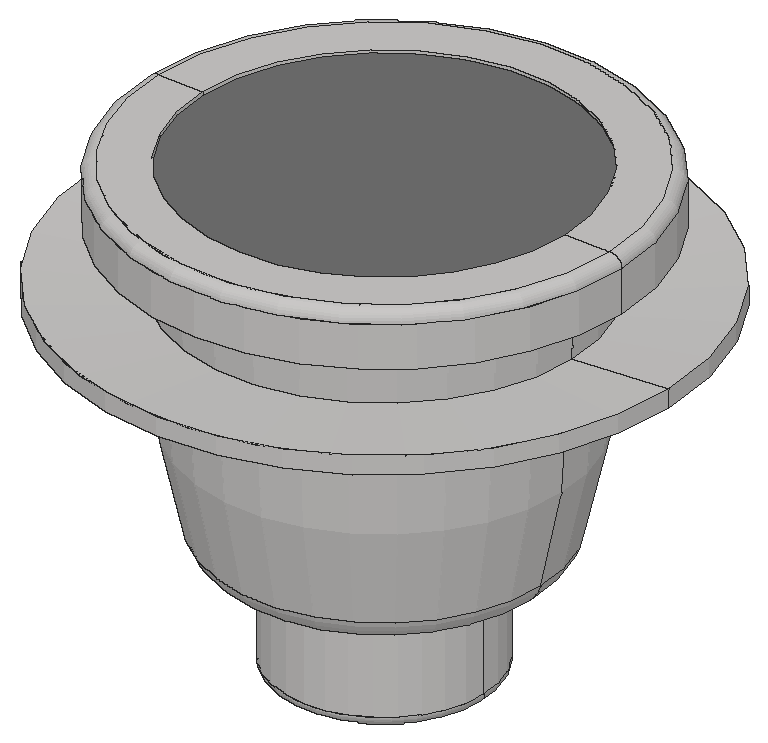
Revit family
Parameters (values of type "3060-04")
  Weight (lb) = 0
  Waste Connection = no
  Warranty = "1 year material and workmanship"  # constant formula
  Vent Connection = no
  URL = "http://www.jrsmith.com"
  Technical and Installation = "http://www.jrsmith.com/products/sanit/tech_data_index.htm"
  SmartBIM Object Version = 3  # constant formula
  SmartBIM Object Created By = "Reed Construction Data"  # constant formula
  Product URL = "http://www.jrsmith.com/products/sanit/submittal/d3060.pdf\r\nhttp://www.jrsmith.com/products/sanit/submittal/d3060.pdf\r\nhttp://www.jrsmith.com/products/sanit/submittal/d3060.pdf"
  Pipe Radius = Pipe Diameter / 2  # 2"
  OmniClass Title = "Sanitary Drains"  # constant formula
  OmniClass Code = "22-22 13 19"  # constant formula
  Model = "3060"  # constant formula
  Material Finish = Duco coated
  Material = Stainless Steel Brushed
  Manufacturer = "Jay R. Smith Mfg. Co. "  # constant formula
  Maintenance = ""
  HW Connection = no
  Free Area (sq. in) = "30"
  Description = "Cast iron flanged receptor with seepage holes, acid resistant coated interior, nickel bronze rim, and secured grate"  # constant formula
  Default Elevation = 0"  # constant formula
  CW Connection = no
  Assembly Code = "D2030300"
  Pipe Diameter = 4"
  95 CSI = "15155"  # constant formula
  04 CSI = "22 13 19"  # constant formula
Types (3): name | Weight (lb) | Pipe Radius | Pipe Diameter
  3060-02 | 39 | 1" | 2"
  3060-03 | 40.3 | 1 1/2" | 3"
  3060-04 | 0 | 2" | 4"
Reference planes (in)
  plane 1 "Center (Front/Back)": y = 0
  plane 2: z = 0
  plane 3 "Center (Left/Right)": x = 0
  plane 4: x = 2
  plane 5: x = -2
  plane 6: x = -6.25
  plane 7: x = 6.25
  plane 8: z = -9.158
  plane 9: z = -6.158
  plane 10: x = -7.5
  plane 11: x = 7.5
Forms (in)
  Revolve 1, solid, material "Stainless Steel Brushed" <- "Material"
    sketch origin (0, 0, 0) x (1, 0, 0) y (0, 0, 1)
      loop
        line (2, -8.87848) -> (2, -9.158) -> (2.44585, -9.158)
        arc (2.44585, -9.158) -> (2.58174, -9.06919) -> (2.63444, -8.91565) r 0.25
        line (2.63444, -8.91565) -> (2.63444, -6.8264)
        arc (2.63444, -6.8264) -> (2.79436, -6.76016) -> (2.8606, -6.60024) r 0.22616
        line (2.8606, -6.60024) -> (2.8606, -6.49233) -> (3.24358, -6.49233)
        arc (3.24358, -6.49233) -> (3.79315, -6.31249) -> (4.1301, -5.84256) r 0.92966
        arc (4.1301, -5.84256) -> (4.68052, -3.45785) -> (4.84893, -1.01624) r 15.50906
        line (4.84893, -1.01624) -> (7.5, -0.45273) -> (7.5, 0) -> (4.93666, -0.20258) -> (5.06543, 2.25441) -> (5.83917, 2.25441) -> (5.83917, 1.33527) -> (6.25, 1.33527) -> (6.25, 2.38855)
        arc (6.25, 2.38855) -> (6.16134, 2.60258) -> (5.94731, 2.69123) r 0.30269
        line (5.94731, 2.69123) -> (4.78608, 2.69123) -> (4.59842, -0.88971)
        arc (4.59842, -0.88971) -> (4.46801, -3.09008) -> (4.02194, -5.24871) r 15.25906
        arc (4.02194, -5.24871) -> (3.57313, -5.90509) -> (2.81927, -6.158) r 1.25
        line (2.81927, -6.158) -> (2.32813, -6.158) -> (2.32813, -8.75348)
        arc (2.32813, -8.75348) -> (2.29151, -8.84187) -> (2.20313, -8.87848) r 0.125
        line (2.20313, -8.87848) -> (2, -8.87848)
      axis (0, 2.69123) -> (0, -9.158)
    angle from 0 to 360
  Extrusion 2, solid, material "Duco coated" <- "Material Finish"
    sketch origin (0, 0, 0) x (1, 0, 0) y (0, 1, 0)
      loop
        circle (0, 0) r 4.78608
    from 2.25441 to 2.62941
Dimensions and locks (in)
  locked: Extrusion 2 to Extrusion 2 at 0.375
  equal spacing: plane 4, plane 3 "Center (Left/Right)", plane 5
  "Pipe Diameter": plane 4 to plane 5
  locked: plane 9 to plane 8 at 3
  Revolve 1 sketch curve to Revolve 1 sketch curve to plane 4 = 0.30632", 21/64"
  locked: plane 7 to Revolve 1 sketch curve at 3.43073
  plane 7 to Revolve 1 sketch curve = 3.00642"
  locked: Revolve 1 sketch curve to Revolve 1 sketch curve at 1.09915
  locked: Revolve 1 sketch curve to plane 4 at 0.8606
  locked: plane 7 to plane 6 at 12.5
  plane 11 to plane 10 = 15"
Automatic sketch dimensions
  Revolve 1 sketch curve to Revolve 1 sketch curve = 0"  (x3)
  Revolve 1 sketch curve to Revolve 1 sketch curve = 0.08366"
  Revolve 1 sketch curve to plane 3 "Center (Left/Right)" = 0"
  Revolve 1 sketch curve to plane 4 = 0"
  Revolve 1 sketch curve to plane 8 = 0"
  Revolve 1 sketch curve to level = 0"
  Revolve 1 sketch curve to level = 1.08949"
  Revolve 1 sketch curve to Revolve 1 sketch curve = 1/8"
  Revolve 1 sketch curve to Revolve 1 sketch curve = 0.05632"
  Revolve 1 sketch curve to Revolve 1 sketch curve = 0.0614"
  Revolve 1 sketch curve to plane 9 = 0"
  Revolve 1 sketch curve to plane 9 = 0.33433"
  Revolve 1 sketch curve to Revolve 1 sketch curve = 0.77836"
  Revolve 1 sketch curve to Revolve 1 sketch curve = 0.10817"
  Revolve 1 sketch curve to level = 0.88971"
  Revolve 1 sketch curve to plane 7 = 1.46392"
  Revolve 1 sketch curve to Revolve 1 sketch curve = 0.25051"
  Revolve 1 sketch curve to level = 0.20258"
  Revolve 1 sketch curve to Revolve 1 sketch curve = 0.08773"
  Revolve 1 sketch curve to Revolve 1 sketch curve = 0.27934"
  Revolve 1 sketch curve to plane 7 = 0.41083"
  Revolve 1 sketch curve to Revolve 1 sketch curve = 0.10815"
  Revolve 1 sketch curve to Revolve 1 sketch curve = 0.30269"
  Revolve 1 sketch curve to plane 8 = 37.49756"
  Revolve 1 sketch curve to Revolve 1 sketch curve = 0.03717"
  Revolve 1 sketch curve to Revolve 1 sketch curve = 0.33408"
  Revolve 1 sketch curve to level = 0.45273"
  level to Revolve 1 sketch curve = 1.33527"
  Revolve 1 sketch curve to Revolve 1 sketch curve = 0.91914"
  Revolve 1 sketch curve to Revolve 1 sketch curve = 0.13414"
  Revolve 1 sketch curve to Revolve 1 sketch curve = 97.46217"
  Revolve 1 sketch curve to plane 11 = 0"
  Extrusion 2 sketch curve to plane 1 "Center (Front/Back)" = 0"
  Extrusion 2 sketch curve to plane 3 "Center (Left/Right)" = 0"
  radius of Extrusion 2 sketch curve = 4.78608"
Connectors (in)
  piping at (0, 0, -9.158), driven by "Pipe Radius"
    settings: on Revolve 1, index 1
